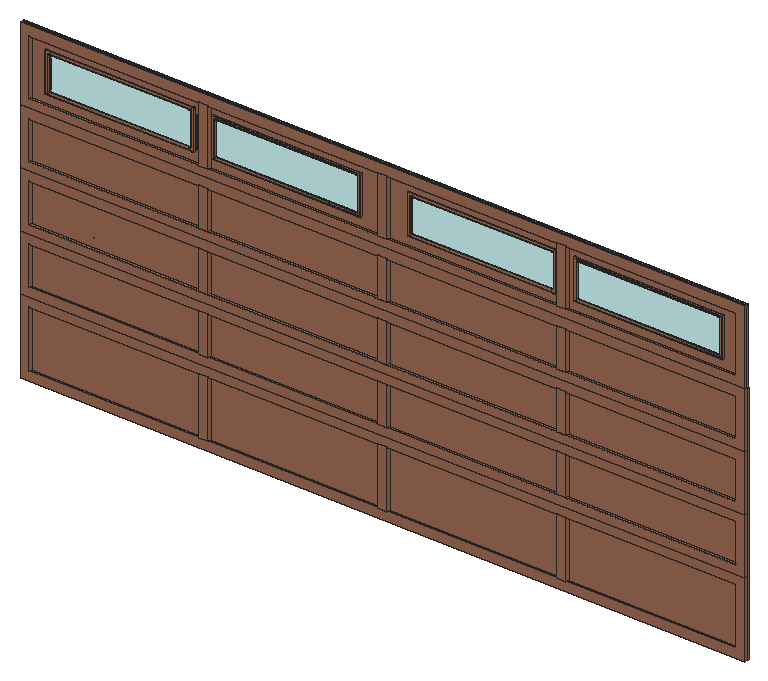
Revit family "GDBL E HORIZ GT", category Doors, host Wall, Revit 2013
Parameters
  Wall Opening [instance] = 4880 mm
  Function = Interior
  Frame Projection Ext. = 25 mm
  Frame Projection Int. = 25 mm
  Frame Width = 75 mm
  Height = 2135 mm
  Wall Closure = By host
  Width = 4880 mm
Reference planes
  plane 1: y = 0
  plane 2 "Center (Left/Right)": x = 0
  plane 3 "Left": x = -2440
  plane 4 "Right": x = 2440
  plane 5: z = 2135
  plane 6 "Exterior": y = 75
  plane 7 "Interior": y = -75
  plane 8 "Garage Bottom": y = 75
  plane 9 "Garage Left": x = 2470
  plane 10 "Garage Right": x = -2470
  plane 11 "Garage Top": z = 2170
  plane 12: z = 512
  plane 13: z = 896
  plane 14: z = 1280
  plane 15: z = 1664
  plane 16 "Front Garage": y = -75
  plane 17: x = 2300
  plane 18: x = 170
  plane 19: x = 1235
  plane 20: x = 1305
  plane 21: x = 1165
  plane 22: z = 1784
  plane 23: z = 1794
  plane 24: z = 1914
  plane 25: z = 1924
  plane 26: z = 2044
  plane 27: z = 2054
Forms (mm)
  Extrusion 1, solid, material "Garage Wood"
    sketch origin (0, -75, 0.086) x (1, 0, 0) y (0, 0, 1)
      loop
        line (-2470, 1663.914) -> (-2470, 0) -> (2470, 0) -> (2470, 1663.914) -> (-2470, 1663.914)
    from 0 to 9
  Sweep 2, solid, material "Garage Wood"
    path origin (0, -75, 0) x (1, 0, 0) y (0, 0, 1)
      loop
        line (-2470, 2170) -> (-2470, 1664) -> (2470, 1664) -> (2470, 2170) -> (-2470, 2170)
    profile origin (0, -75, 2170) x (0, 0, 1) y (0, -1, 0)
      loop
        line (-60, 9) -> (0, 9) -> (0, 30) -> (-60, 30) -> (-60, 9)
  Sweep 3, solid, material "Garage Wood"
    path origin (0, -75, -890) x (1, 0, 0) y (0, 0, 1)
      loop
        line (-2470, 2170) -> (-2470, 1786) -> (2470, 1786) -> (2470, 2170) -> (-2470, 2170)
    profile origin (0, -75, 1280) x (0, 0, 1) y (0, -1, 0)
      loop
        line (-60, 9) -> (0, 9) -> (0, 30) -> (-60, 30) -> (-60, 9)
  Extrusion 4, solid, material "Garage Wood"
    sketch origin (2744.172, 300, 1664) x (1, 0, 0) y (0, 1, 0)
      loop
        line (-2774.172, -384) -> (-2774.172, -405) -> (-2714.172, -405) -> (-2714.172, -384) -> (-2774.172, -384)
      loop
        line (-3994.172, -384) -> (-3994.172, -405) -> (-3934.172, -405) -> (-3934.172, -384) -> (-3994.172, -384)
      loop
        line (-1494.172, -384) -> (-1554.172, -384) -> (-1554.172, -405) -> (-1494.172, -405) -> (-1494.172, -384)
    from -708 to -444
  Extrusion 5, solid, material "Garage Wood"
    sketch origin (2744.172, 300, 2554) x (1, 0, 0) y (0, 1, 0)
      loop
        line (-2774.172, -384) -> (-2774.172, -405) -> (-2714.172, -405) -> (-2714.172, -384) -> (-2774.172, -384)
      loop
        line (-3994.172, -384) -> (-3994.172, -405) -> (-3934.172, -405) -> (-3934.172, -384) -> (-3994.172, -384)
      loop
        line (-1494.172, -384) -> (-1554.172, -384) -> (-1554.172, -405) -> (-1494.172, -405) -> (-1494.172, -384)
    from -830 to -444
  Sweep 6, solid, material "Garage Wood"
    path origin (0, -75, -506) x (1, 0, 0) y (0, 0, 1)
      loop
        line (-2470, 2170) -> (-2470, 1786) -> (2470, 1786) -> (2470, 2170) -> (-2470, 2170)
    profile origin (0, -75, 1664) x (0, 0, 1) y (0, -1, 0)
      loop
        line (-60, 9) -> (0, 9) -> (0, 30) -> (-60, 30) -> (-60, 9)
  Extrusion 7, solid, material "Garage Wood"
    sketch origin (2744.172, 300, 2048) x (1, 0, 0) y (0, 1, 0)
      loop
        line (-2774.172, -384) -> (-2774.172, -405) -> (-2714.172, -405) -> (-2714.172, -384) -> (-2774.172, -384)
      loop
        line (-3994.172, -384) -> (-3994.172, -405) -> (-3934.172, -405) -> (-3934.172, -384) -> (-3994.172, -384)
      loop
        line (-1494.172, -384) -> (-1554.172, -384) -> (-1554.172, -405) -> (-1494.172, -405) -> (-1494.172, -384)
    from -708 to -444
  Sweep 8, solid, material "Garage Wood"
    path origin (0, -75, -1274) x (1, 0, 0) y (0, 0, 1)
      loop
        line (-2470, 2170) -> (-2470, 1786) -> (2470, 1786) -> (2470, 2170) -> (-2470, 2170)
    profile origin (0, -75, 896) x (0, 0, 1) y (0, -1, 0)
      loop
        line (-60, 9) -> (0, 9) -> (0, 30) -> (-60, 30) -> (-60, 9)
  Extrusion 9, solid, material "Garage Wood"
    sketch origin (2744.172, 300, 1280) x (1, 0, 0) y (0, 1, 0)
      loop
        line (-2774.172, -384) -> (-2774.172, -405) -> (-2714.172, -405) -> (-2714.172, -384) -> (-2774.172, -384)
      loop
        line (-3994.172, -384) -> (-3994.172, -405) -> (-3934.172, -405) -> (-3934.172, -384) -> (-3994.172, -384)
      loop
        line (-1494.172, -384) -> (-1554.172, -384) -> (-1554.172, -405) -> (-1494.172, -405) -> (-1494.172, -384)
    from -708 to -444
  Sweep 10, solid, material "Garage Wood"
    path origin (0, -75, -1658) x (1, 0, 0) y (0, 0, 1)
      loop
        line (-2470, 2170) -> (-2470, 1658) -> (2470, 1658) -> (2470, 2170) -> (-2470, 2170)
    profile origin (0, -75, 512) x (0, 0, 1) y (0, -1, 0)
      loop
        line (-60, 9) -> (0, 9) -> (0, 30) -> (-60, 30) -> (-60, 9)
  Extrusion 11, solid, material "Garage Wood"
    sketch origin (2744.172, 300, 896) x (1, 0, 0) y (0, 1, 0)
      loop
        line (-2774.172, -384) -> (-2774.172, -405) -> (-2714.172, -405) -> (-2714.172, -384) -> (-2774.172, -384)
      loop
        line (-3994.172, -384) -> (-3994.172, -405) -> (-3934.172, -405) -> (-3934.172, -384) -> (-3994.172, -384)
      loop
        line (-1494.172, -384) -> (-1554.172, -384) -> (-1554.172, -405) -> (-1494.172, -405) -> (-1494.172, -384)
    from -836 to -444
  Sweep 12, void
    path origin (0, -75, 0) x (0, 0, -1) y (-1, 0, 0)
      loop
        line (-120, -2470) -> (-120, 2470)
    profile origin (0, -75, 120) x (0, 0, 1) y (0, 1, 0)
      loop
        line (0, 0) -> (0, -4.5) -> (8, -4.5) -> (8, 0) -> (0, 0)
      loop
        line (128, 0) -> (128, -4.5) -> (136, -4.5) -> (136, 0) -> (128, 0)
      loop
        line (256, 0) -> (256, -4.5) -> (264, -4.5) -> (264, 0) -> (256, 0)
      loop
        line (384, 0) -> (384, -4.5) -> (392, -4.5) -> (392, 0) -> (384, 0)
      loop
        line (512, 0) -> (512, -4.5) -> (520, -4.5) -> (520, 0) -> (512, 0)
      loop
        line (640, 0) -> (640, -4.5) -> (648, -4.5) -> (648, 0) -> (640, 0)
      loop
        line (768, 0) -> (768, -4.5) -> (776, -4.5) -> (776, 0) -> (768, 0)
      loop
        line (896, 0) -> (896, -4.5) -> (904, -4.5) -> (904, 0) -> (896, 0)
      loop
        line (1024, 0) -> (1024, -4.5) -> (1032, -4.5) -> (1032, 0) -> (1024, 0)
      loop
        line (1152, 0) -> (1152, -4.5) -> (1160, -4.5) -> (1160, 0) -> (1152, 0)
      loop
        line (1280, 0) -> (1280, -4.5) -> (1288, -4.5) -> (1288, 0) -> (1280, 0)
      loop
        line (1408, 0) -> (1408, -4.5) -> (1416, -4.5) -> (1416, 0) -> (1408, 0)
      loop
        line (1536, 0) -> (1536, -4.5) -> (1544, -4.5) -> (1544, 0) -> (1536, 0)
  Extrusion 13, void
    sketch origin (0, 0, 0) x (1, 0, 0) y (0, 1, 0)
      loop
        line (0, -76.5) -> (1.259, -75) -> (-1.259, -75) -> (0, -76.5)
    from 0 to 1664
  Extrusion 14, solid, material "Garage Wood"
    sketch origin (-8600, -75, 4000) x (0, 0, -1) y (-1, 0, 0)
      loop
        line (1830, -11070) -> (2336, -11070) -> (2336, -6130) -> (1830, -6130) -> (1830, -11070)
      loop
        line (1956, -10900) -> (2206, -10900) -> (2206, -9905) -> (1956, -9905) -> (1956, -10900)
      loop
        line (1956, -8770) -> (1956, -9765) -> (2206, -9765) -> (2206, -8770) -> (1956, -8770)
      loop
        line (1956, -6300) -> (1956, -7295) -> (2206, -7295) -> (2206, -6300) -> (1956, -6300)
      loop
        line (1956, -8430) -> (2206, -8430) -> (2206, -7435) -> (1956, -7435) -> (1956, -8430)
    from -9 to 0
  Sweep 15, void
    path origin (-8600, -75, 4000) x (0, 0, -1) y (-1, 0, 0)
      loop
        line (2336, -8600) -> (1830, -8600)
    profile origin (0, -75, 1917) x (1, 0, 0) y (0, 1, 0)
      loop
        line (-1.259, 0) -> (0, -1.5) -> (1.259, 0) -> (-1.259, 0)
  Sweep 16, solid, material "Garage Wood"
    path origin (-8600, -75, 4000) x (0, 0, -1) y (-1, 0, 0)
      loop
        line (1956, -10900) -> (2206, -10900) -> (2206, -9905) -> (1956, -9905) -> (1956, -10900)
    profile origin (1802.5, -75, 2044) x (0, 0, 1) y (0, 1, 0)
      loop
        line (0, 0) -> (10, 0) -> (10, 7.793)
        arc (10, 7.793) -> (9.354, 9.354) -> (7.793, 10) r 2.207
        line (7.793, 10) -> (-7.793, 10)
        arc (-7.793, 10) -> (-9.354, 9.354) -> (-10, 7.793) r 2.207
        line (-10, 7.793) -> (-10, -2) -> (0, -2) -> (0, 0)
      loop
        line (0, -9) -> (0, -7) -> (-10, -7) -> (-10, -16.793)
        arc (-10, -16.793) -> (-9.354, -18.354) -> (-7.793, -19) r 2.207
        line (-7.793, -19) -> (7.793, -19)
        arc (7.793, -19) -> (9.354, -18.354) -> (10, -16.793) r 2.207
        line (10, -16.793) -> (10, -9) -> (0, -9)
  Extrusion 17, solid, material "Garage Glass"
    sketch origin (-8600, -75, 4000) x (0, 0, -1) y (-1, 0, 0)
      loop
        line (1956, -10900) -> (2206, -10900) -> (2206, -9905) -> (1956, -9905) -> (1956, -10900)
    from -7 to -2
  Sweep 18, solid, material "Garage Wood"
    path origin (-9735, -75, 4000) x (0, 0, -1) y (-1, 0, 0)
      loop
        line (1956, -10900) -> (2206, -10900) -> (2206, -9905) -> (1956, -9905) -> (1956, -10900)
    profile origin (667.5, -75, 2044) x (0, 0, 1) y (0, 1, 0)
      loop
        line (0, 0) -> (10, 0) -> (10, 7.793)
        arc (10, 7.793) -> (9.354, 9.354) -> (7.793, 10) r 2.207
        line (7.793, 10) -> (-7.793, 10)
        arc (-7.793, 10) -> (-9.354, 9.354) -> (-10, 7.793) r 2.207
        line (-10, 7.793) -> (-10, -2) -> (0, -2) -> (0, 0)
      loop
        line (0, -9) -> (0, -7) -> (-10, -7) -> (-10, -16.793)
        arc (-10, -16.793) -> (-9.354, -18.354) -> (-7.793, -19) r 2.207
        line (-7.793, -19) -> (7.793, -19)
        arc (7.793, -19) -> (9.354, -18.354) -> (10, -16.793) r 2.207
        line (10, -16.793) -> (10, -9) -> (0, -9)
  Extrusion 19, solid, material "Garage Glass"
    sketch origin (-9735, -75, 4000) x (0, 0, -1) y (-1, 0, 0)
      loop
        line (1956, -10900) -> (2206, -10900) -> (2206, -9905) -> (1956, -9905) -> (1956, -10900)
    from -7 to -2
  Sweep 20, solid, material "Garage Wood"
    path origin (-11070, -75, 4000) x (0, 0, -1) y (-1, 0, 0)
      loop
        line (1956, -10900) -> (2206, -10900) -> (2206, -9905) -> (1956, -9905) -> (1956, -10900)
    profile origin (-667.5, -75, 2044) x (0, 0, 1) y (0, 1, 0)
      loop
        line (0, 0) -> (10, 0) -> (10, 7.793)
        arc (10, 7.793) -> (9.354, 9.354) -> (7.793, 10) r 2.207
        line (7.793, 10) -> (-7.793, 10)
        arc (-7.793, 10) -> (-9.354, 9.354) -> (-10, 7.793) r 2.207
        line (-10, 7.793) -> (-10, -2) -> (0, -2) -> (0, 0)
      loop
        line (0, -9) -> (0, -7) -> (-10, -7) -> (-10, -16.793)
        arc (-10, -16.793) -> (-9.354, -18.354) -> (-7.793, -19) r 2.207
        line (-7.793, -19) -> (7.793, -19)
        arc (7.793, -19) -> (9.354, -18.354) -> (10, -16.793) r 2.207
        line (10, -16.793) -> (10, -9) -> (0, -9)
  Extrusion 21, solid, material "Garage Glass"
    sketch origin (-11070, -75, 4000) x (0, 0, -1) y (-1, 0, 0)
      loop
        line (1956, -10900) -> (2206, -10900) -> (2206, -9905) -> (1956, -9905) -> (1956, -10900)
    from -7 to -2
  Sweep 22, solid, material "Garage Wood"
    path origin (-12205, -75, 4000) x (0, 0, -1) y (-1, 0, 0)
      loop
        line (1956, -10900) -> (2206, -10900) -> (2206, -9905) -> (1956, -9905) -> (1956, -10900)
    profile origin (-1802.5, -75, 2044) x (0, 0, 1) y (0, 1, 0)
      loop
        line (0, 0) -> (10, 0) -> (10, 7.793)
        arc (10, 7.793) -> (9.354, 9.354) -> (7.793, 10) r 2.207
        line (7.793, 10) -> (-7.793, 10)
        arc (-7.793, 10) -> (-9.354, 9.354) -> (-10, 7.793) r 2.207
        line (-10, 7.793) -> (-10, -2) -> (0, -2) -> (0, 0)
      loop
        line (0, -9) -> (0, -7) -> (-10, -7) -> (-10, -16.793)
        arc (-10, -16.793) -> (-9.354, -18.354) -> (-7.793, -19) r 2.207
        line (-7.793, -19) -> (7.793, -19)
        arc (7.793, -19) -> (9.354, -18.354) -> (10, -16.793) r 2.207
        line (10, -16.793) -> (10, -9) -> (0, -9)
  Extrusion 23, solid, material "Garage Glass"
    sketch origin (-12205, -75, 4000) x (0, 0, -1) y (-1, 0, 0)
      loop
        line (1956, -10900) -> (2206, -10900) -> (2206, -9905) -> (1956, -9905) -> (1956, -10900)
    from -7 to -2
  Sweep 24, void
    path origin (-8600, -75, 4003) x (0, 0, -1) y (-1, 0, 0)
      loop
        line (1830, -11070) -> (1830, -10900)
    profile origin (2385, -75, 2173) x (0, 0, 1) y (0, 1, 0)
      loop
        line (-369, 0) -> (-369, -4.5) -> (-361, -4.5) -> (-361, 0) -> (-369, 0)
      loop
        line (-147, 0) -> (-147, -4.5) -> (-139, -4.5) -> (-139, 0) -> (-147, 0)
  Sweep 25, void
    path origin (-9735, -75, 4003) x (0, 0, -1) y (-1, 0, 0)
      loop
        line (1830, -11040) -> (1830, -10900)
    profile origin (1235, -75, 2173) x (0, 0, 1) y (0, 1, 0)
      loop
        line (-369, 0) -> (-369, -4.5) -> (-361, -4.5) -> (-361, 0) -> (-369, 0)
      loop
        line (-147, 0) -> (-147, -4.5) -> (-139, -4.5) -> (-139, 0) -> (-147, 0)
  Sweep 26, void
    path origin (-11070, -75, 4003) x (0, 0, -1) y (-1, 0, 0)
      loop
        line (1830, -11240) -> (1830, -10900)
    profile origin (0, -75, 2173) x (0, 0, 1) y (0, 1, 0)
      loop
        line (-369, 0) -> (-369, -4.5) -> (-361, -4.5) -> (-361, 0) -> (-369, 0)
      loop
        line (-147, 0) -> (-147, -4.5) -> (-139, -4.5) -> (-139, 0) -> (-147, 0)
  Sweep 27, void
    path origin (8600, -75, 4003) x (0, 0, -1) y (-1, 0, 0)
      loop
        line (1830, 11070) -> (1830, 10900)
    profile origin (-2385, -75, 2173) x (0, 0, -1) y (0, 1, 0)
      loop
        line (369, 0) -> (361, 0) -> (361, -4.5) -> (369, -4.5) -> (369, 0)
      loop
        line (147, 0) -> (139, 0) -> (139, -4.5) -> (147, -4.5) -> (147, 0)
  Sweep 28, void
    path origin (9735, -75, 4003) x (0, 0, -1) y (-1, 0, 0)
      loop
        line (1830, 11040) -> (1830, 10900)
    profile origin (-1235, -75, 2173) x (0, 0, -1) y (0, 1, 0)
      loop
        line (369, 0) -> (361, 0) -> (361, -4.5) -> (369, -4.5) -> (369, 0)
      loop
        line (147, 0) -> (139, 0) -> (139, -4.5) -> (147, -4.5) -> (147, 0)
Cuts and joins
  Sweep 12, Extrusion 13 cuts Extrusion 1
  Sweep 15, Sweep 24, Sweep 25, Sweep 26, Sweep 27, Sweep 28 cuts Extrusion 14
  Sweep 24, Sweep 25, Sweep 26, Sweep 27, Sweep 28 cuts Sweep 16
  Sweep 24, Sweep 25, Sweep 26, Sweep 27, Sweep 28 cuts Extrusion 17
  Sweep 26, Sweep 28 cuts Sweep 18
  Sweep 26, Sweep 28 cuts Extrusion 19
Lines and regions (mm)
  Opening 1
    outline origin (-3050, -75, 0) x (1, 0, 0) y (0, 0, 1)
      loop
        line (610, 0) -> (5490, 0) -> (5490, 2135) -> (610, 2135) -> (610, 0)
  symbolic lines, style "Elevation Swing"
    curve 1: line (-2470, -105, 1664) -> (-2470, -2275, 1664)
    curve 2: line (-2470, -2275, 1664) -> (2470, -2275, 1664)
    curve 3: line (2470, -2275, 1664) -> (2470, -105, 1664)
Text (mm)
  text "Exterior" at (-2295.016, 1099.543, 0), in view "Ref. Level"
  text "Exterior" at (0, 1615.38, 3698.081), in view "Left"
  text "Exterior" at (0, 1036.032, 3874.932), in view "Right"
Dimensions and locks
  equal spacing: plane 3 "Left", plane 2 "Center (Left/Right)", plane 4 "Right"
  "Width": plane 3 "Left" to plane 4 "Right"
  "Height": plane 5 to host wall
  host wall to plane 5 = 2135 mm
  host wall to plane 11 "Garage Top" = 2170 mm
  locked: plane 6 "Exterior" to host wall at 0
  locked: plane 7 "Interior" to host wall
  plane 3 "Left" to plane 4 "Right" = 4880 mm
  plane 10 "Garage Right" to plane 9 "Garage Left" = 4940 mm
  plane 11 "Garage Top" to plane 15 to plane 14 to plane 13 to plane 12 to level = 506 mm, 384 mm locked, 384 mm locked, 384 mm locked, 512 mm
  "Wall Opening": plane 3 "Left" to plane 4 "Right"
  level to plane 12 to plane 13 to plane 14 to plane 15 to plane 11 "Garage Top" = 512 mm, 384 mm, 384 mm, 384 mm, 506 mm
  aligned and locked: plane 3 "Left" to Opening 1 sketch curve
  aligned and locked: plane 5 to Opening 1 sketch curve  (x2)
  aligned and locked: Opening 1 sketch curve to plane 4 "Right"
  aligned and locked: Opening 1 sketch curve to level
  aligned and locked: host wall to plane 1
  aligned and locked: plane 10 "Garage Right" to Extrusion 1 sketch curve
  aligned and locked: plane 9 "Garage Left" to Extrusion 1 sketch curve
  aligned and locked: plane 13 to Sweep 3 sketch curve
  aligned and locked: Extrusion 5 to Sweep 2  (x2)
  aligned and locked: Extrusion 4 to Sweep 3  (x2)
  aligned and locked: Extrusion 7 to Sweep 6  (x2)
  aligned and locked: Extrusion 9 to Sweep 8  (x2)
  aligned and locked: level to Sweep 10 sketch curve
  aligned and locked: Extrusion 11 to Sweep 10  (x2)
  aligned and locked: Extrusion 13 to level
Automatic sketch dimensions
  curve 1 to plane 10 "Garage Right" = 0 mm
  curve 2 to plane 9 "Garage Left" = 0 mm
  host wall to curve 1 = 2200 mm
  host wall to curve 3 = 30 mm
  host wall to curve 1 = 30 mm
  Extrusion 1 sketch curve to plane 15 = 0 mm
  level to Extrusion 1 sketch curve = 0.086 mm
  Sweep 2 sketch curve to plane 10 "Garage Right" = 0 mm
  plane 9 "Garage Left" to Sweep 2 sketch curve = 0 mm
  Sweep 2 sketch curve to plane 15 = 0 mm
  Sweep 2 sketch curve to plane 11 "Garage Top" = 0 mm
  profile plane to Sweep 2 sketch curve = 0 mm
  plane 7 "Interior" to Sweep 2 sketch curve = 9 mm
  Sweep 2 sketch curve to Sweep 2 sketch curve = 60 mm
  Sweep 2 sketch curve to Sweep 2 sketch curve = 21 mm
  Sweep 3 sketch curve to plane 10 "Garage Right" = 0 mm
  plane 9 "Garage Left" to Sweep 3 sketch curve = 0 mm
  Sweep 3 sketch curve to plane 14 = 0 mm
  profile plane to Sweep 3 sketch curve = 0 mm
  plane 7 "Interior" to Sweep 3 sketch curve = 9 mm
  profile plane to Sweep 3 sketch curve = 60 mm
  Sweep 3 sketch curve to Sweep 3 sketch curve = 21 mm
  host wall to Extrusion 4 sketch curve = 30 mm  (x2)
  Extrusion 4 sketch curve to plane 3 "Left" = 1190 mm
  Extrusion 4 sketch curve to Extrusion 4 sketch curve = 60 mm
  Extrusion 4 sketch curve to plane 2 "Center (Left/Right)" = 30 mm
  host wall to Extrusion 4 sketch curve = 9 mm  (x3)
  plane 2 "Center (Left/Right)" to Extrusion 4 sketch curve = 30 mm
  plane 21 to Extrusion 4 sketch curve = 25 mm
  Extrusion 4 sketch curve to plane 19 = 15 mm
  Extrusion 4 sketch curve to Extrusion 4 sketch curve = 21 mm
  host wall to Extrusion 5 sketch curve = 30 mm  (x2)
  Extrusion 5 sketch curve to plane 3 "Left" = 1190 mm
  Extrusion 5 sketch curve to Extrusion 5 sketch curve = 60 mm
  Extrusion 5 sketch curve to plane 2 "Center (Left/Right)" = 30 mm
  host wall to Extrusion 5 sketch curve = 9 mm  (x3)
  plane 2 "Center (Left/Right)" to Extrusion 5 sketch curve = 30 mm
  plane 21 to Extrusion 5 sketch curve = 25 mm
  Extrusion 5 sketch curve to plane 19 = 15 mm
  Extrusion 5 sketch curve to Extrusion 5 sketch curve = 21 mm
  Sweep 6 sketch curve to plane 10 "Garage Right" = 0 mm
  plane 9 "Garage Left" to Sweep 6 sketch curve = 0 mm
  Sweep 6 sketch curve to plane 14 = 0 mm
  Sweep 6 sketch curve to plane 15 = 0 mm
  profile plane to Sweep 6 sketch curve = 0 mm
  plane 7 "Interior" to Sweep 6 sketch curve = 9 mm
  profile plane to Sweep 6 sketch curve = 60 mm
  Sweep 6 sketch curve to Sweep 6 sketch curve = 21 mm
  host wall to Extrusion 7 sketch curve = 30 mm  (x2)
  Extrusion 7 sketch curve to plane 3 "Left" = 1190 mm
  Extrusion 7 sketch curve to Extrusion 7 sketch curve = 60 mm
  Extrusion 7 sketch curve to plane 2 "Center (Left/Right)" = 30 mm
  host wall to Extrusion 7 sketch curve = 9 mm  (x3)
  plane 2 "Center (Left/Right)" to Extrusion 7 sketch curve = 30 mm
  plane 21 to Extrusion 7 sketch curve = 25 mm
  Extrusion 7 sketch curve to plane 19 = 15 mm
  Extrusion 7 sketch curve to Extrusion 7 sketch curve = 21 mm
  Sweep 8 sketch curve to plane 10 "Garage Right" = 0 mm
  plane 9 "Garage Left" to Sweep 8 sketch curve = 0 mm
  Sweep 8 sketch curve to plane 12 = 0 mm
  Sweep 8 sketch curve to plane 13 = 0 mm
  profile plane to Sweep 8 sketch curve = 0 mm
  plane 7 "Interior" to Sweep 8 sketch curve = 9 mm
  Sweep 8 sketch curve to Sweep 8 sketch curve = 60 mm
  Sweep 8 sketch curve to Sweep 8 sketch curve = 21 mm
  host wall to Extrusion 9 sketch curve = 30 mm  (x2)
  Extrusion 9 sketch curve to plane 3 "Left" = 1190 mm
  Extrusion 9 sketch curve to Extrusion 9 sketch curve = 60 mm
  Extrusion 9 sketch curve to plane 2 "Center (Left/Right)" = 30 mm
  host wall to Extrusion 9 sketch curve = 9 mm  (x3)
  plane 2 "Center (Left/Right)" to Extrusion 9 sketch curve = 30 mm
  plane 21 to Extrusion 9 sketch curve = 25 mm
  Extrusion 9 sketch curve to plane 19 = 15 mm
  Extrusion 9 sketch curve to Extrusion 9 sketch curve = 21 mm
  Sweep 10 sketch curve to plane 10 "Garage Right" = 0 mm
  plane 9 "Garage Left" to Sweep 10 sketch curve = 0 mm
  Sweep 10 sketch curve to plane 12 = 0 mm
  profile plane to Sweep 10 sketch curve = 0 mm
  plane 7 "Interior" to Sweep 10 sketch curve = 9 mm
  Sweep 10 sketch curve to Sweep 10 sketch curve = 60 mm
  Sweep 10 sketch curve to Sweep 10 sketch curve = 21 mm
  host wall to Extrusion 11 sketch curve = 30 mm  (x2)
  Extrusion 11 sketch curve to plane 3 "Left" = 1190 mm
  Extrusion 11 sketch curve to Extrusion 11 sketch curve = 60 mm
  Extrusion 11 sketch curve to plane 2 "Center (Left/Right)" = 30 mm
  host wall to Extrusion 11 sketch curve = 9 mm  (x3)
  plane 2 "Center (Left/Right)" to Extrusion 11 sketch curve = 30 mm
  plane 21 to Extrusion 11 sketch curve = 25 mm
  Extrusion 11 sketch curve to plane 19 = 15 mm
  Extrusion 11 sketch curve to Extrusion 11 sketch curve = 21 mm
  Sweep 12 sketch curve to plane 10 "Garage Right" = 0 mm
  plane 9 "Garage Left" to Sweep 12 sketch curve = 0 mm
  level to Sweep 12 sketch curve = 120 mm
  profile plane to Sweep 12 sketch curve = 0 mm
  Sweep 12 sketch curve to plane 16 "Front Garage" = 0 mm  (x13)
  Sweep 12 sketch curve to plane 16 "Front Garage" = 4.5 mm  (x7)
  Sweep 12 sketch curve to Sweep 12 sketch curve = 8 mm  (x13)
  Sweep 12 sketch curve to Sweep 12 sketch curve = 120 mm  (x12)
  Sweep 12 sketch curve to Sweep 12 sketch curve = 4.5 mm  (x6)
  host wall to Extrusion 13 sketch curve = 0 mm
  Extrusion 13 sketch curve to plane 2 "Center (Left/Right)" = 0 mm
  host wall to Extrusion 13 sketch curve = 1.5 mm
  Extrusion 13 sketch curve to plane 2 "Center (Left/Right)" = 1.259 mm
  plane 2 "Center (Left/Right)" to Extrusion 13 sketch curve = 1.259 mm
  Extrusion 14 sketch curve to plane 10 "Garage Right" = 0 mm
  Extrusion 14 sketch curve to plane 11 "Garage Top" = 0 mm
  Extrusion 14 sketch curve to plane 26 = 0 mm  (x4)
  plane 17 to Extrusion 14 sketch curve = 0 mm
  Extrusion 14 sketch curve to plane 21 = 0 mm
  Extrusion 14 sketch curve to plane 23 = 0 mm  (x4)
  plane 20 to Extrusion 14 sketch curve = 0 mm
  Extrusion 14 sketch curve to plane 15 = 0 mm
  plane 9 "Garage Left" to Extrusion 14 sketch curve = 0 mm
  plane 18 to Extrusion 14 sketch curve = 0 mm
  Extrusion 14 sketch curve to plane 2 "Center (Left/Right)" = 170 mm
  Extrusion 14 sketch curve to Extrusion 14 sketch curve = 995 mm
  Extrusion 14 sketch curve to Extrusion 14 sketch curve = 140 mm
  Extrusion 14 sketch curve to plane 3 "Left" = 140 mm
  Sweep 15 sketch curve to plane 2 "Center (Left/Right)" = 0 mm
  Sweep 15 sketch curve to plane 11 "Garage Top" = 0 mm
  Sweep 15 sketch curve to plane 15 = 0 mm
  Sweep 15 sketch curve to plane 16 "Front Garage" = 0 mm
  Sweep 15 sketch curve to profile plane = 0 mm
  Sweep 15 sketch curve to plane 16 "Front Garage" = 1.5 mm
  profile plane to Sweep 15 sketch curve = 1.259 mm
  Sweep 15 sketch curve to profile plane = 1.259 mm
  plane 20 to Sweep 16 sketch curve = 0 mm
  Sweep 16 sketch curve to plane 26 = 0 mm
  plane 17 to Sweep 16 sketch curve = 0 mm
  Sweep 16 sketch curve to plane 23 = 0 mm
  profile plane to Sweep 16 sketch curve = 0 mm  (x2)
  Sweep 16 sketch curve to plane 16 "Front Garage" = 0 mm
  Sweep 16 sketch curve to plane 16 "Front Garage" = 19 mm
  profile plane to Sweep 16 sketch curve = 7.793 mm  (x2)
  profile plane to Sweep 16 sketch curve = 10 mm
  Sweep 16 sketch curve to Sweep 16 sketch curve = 2.207 mm  (x3)
  Sweep 16 sketch curve to profile plane = 7.793 mm  (x2)
  Sweep 16 sketch curve to Sweep 16 sketch curve = 7.793 mm
  Sweep 16 sketch curve to plane 16 "Front Garage" = 7 mm
  Sweep 16 sketch curve to plane 16 "Front Garage" = 2 mm
  plane 16 "Front Garage" to Sweep 16 sketch curve = 7.793 mm
  plane 20 to Extrusion 17 sketch curve = 0 mm
  Extrusion 17 sketch curve to plane 26 = 0 mm
  plane 17 to Extrusion 17 sketch curve = 0 mm
  Extrusion 17 sketch curve to plane 23 = 0 mm
  plane 18 to Sweep 18 sketch curve = 0 mm
  Sweep 18 sketch curve to plane 26 = 0 mm
  Sweep 18 sketch curve to plane 21 = 0 mm
  Sweep 18 sketch curve to plane 23 = 0 mm
  profile plane to Sweep 18 sketch curve = 0 mm  (x2)
  Sweep 18 sketch curve to plane 16 "Front Garage" = 0 mm
  Sweep 18 sketch curve to plane 16 "Front Garage" = 19 mm
  profile plane to Sweep 18 sketch curve = 7.793 mm  (x2)
  profile plane to Sweep 18 sketch curve = 10 mm
  Sweep 18 sketch curve to Sweep 18 sketch curve = 2.207 mm  (x3)
  Sweep 18 sketch curve to profile plane = 7.793 mm  (x2)
  Sweep 18 sketch curve to Sweep 18 sketch curve = 7.793 mm
  Sweep 18 sketch curve to plane 16 "Front Garage" = 7 mm
  Sweep 18 sketch curve to plane 16 "Front Garage" = 2 mm
  plane 16 "Front Garage" to Sweep 18 sketch curve = 7.793 mm
  plane 18 to Extrusion 19 sketch curve = 0 mm
  Extrusion 19 sketch curve to plane 26 = 0 mm
  Extrusion 19 sketch curve to plane 21 = 0 mm
  Extrusion 19 sketch curve to plane 23 = 0 mm
  Sweep 20 sketch curve to plane 26 = 0 mm
  Sweep 20 sketch curve to plane 23 = 0 mm
  Sweep 20 sketch curve to plane 2 "Center (Left/Right)" = 170 mm
  Sweep 20 sketch curve to Sweep 20 sketch curve = 995 mm
  profile plane to Sweep 20 sketch curve = 0 mm  (x2)
  Sweep 20 sketch curve to plane 16 "Front Garage" = 0 mm
  Sweep 20 sketch curve to plane 16 "Front Garage" = 19 mm
  profile plane to Sweep 20 sketch curve = 7.793 mm  (x2)
  profile plane to Sweep 20 sketch curve = 10 mm
  Sweep 20 sketch curve to Sweep 20 sketch curve = 2.207 mm  (x3)
  Sweep 20 sketch curve to profile plane = 7.793 mm  (x2)
  Sweep 20 sketch curve to Sweep 20 sketch curve = 7.793 mm
  Sweep 20 sketch curve to plane 16 "Front Garage" = 7 mm
  Sweep 20 sketch curve to plane 16 "Front Garage" = 2 mm
  plane 16 "Front Garage" to Sweep 20 sketch curve = 7.793 mm
  Extrusion 21 sketch curve to plane 26 = 0 mm
  Extrusion 21 sketch curve to plane 23 = 0 mm
  Extrusion 21 sketch curve to plane 2 "Center (Left/Right)" = 170 mm
  Extrusion 21 sketch curve to Extrusion 21 sketch curve = 995 mm
  Sweep 22 sketch curve to plane 26 = 0 mm
  Sweep 22 sketch curve to plane 23 = 0 mm
  Sweep 22 sketch curve to plane 3 "Left" = 1135 mm
  Sweep 22 sketch curve to plane 3 "Left" = 140 mm
  profile plane to Sweep 22 sketch curve = 0 mm  (x2)
  Sweep 22 sketch curve to plane 16 "Front Garage" = 0 mm
  Sweep 22 sketch curve to plane 16 "Front Garage" = 19 mm
  profile plane to Sweep 22 sketch curve = 7.793 mm  (x2)
  profile plane to Sweep 22 sketch curve = 10 mm
  Sweep 22 sketch curve to Sweep 22 sketch curve = 2.207 mm  (x3)
  Sweep 22 sketch curve to profile plane = 7.793 mm  (x2)
  Sweep 22 sketch curve to Sweep 22 sketch curve = 7.793 mm
  Sweep 22 sketch curve to plane 16 "Front Garage" = 7 mm
  Sweep 22 sketch curve to plane 16 "Front Garage" = 2 mm
  plane 16 "Front Garage" to Sweep 22 sketch curve = 7.793 mm
  Extrusion 23 sketch curve to plane 26 = 0 mm
  Extrusion 23 sketch curve to plane 23 = 0 mm
  Extrusion 23 sketch curve to plane 3 "Left" = 1135 mm
  Extrusion 23 sketch curve to plane 3 "Left" = 140 mm
  plane 17 to Sweep 24 sketch curve = 0 mm
  plane 9 "Garage Left" to Sweep 24 sketch curve = 0 mm
  Sweep 24 sketch curve to plane 11 "Garage Top" = 3 mm
  Sweep 24 sketch curve to plane 16 "Front Garage" = 0 mm  (x2)
  Sweep 24 sketch curve to plane 16 "Front Garage" = 4.5 mm  (x2)
  profile plane to Sweep 24 sketch curve = 369 mm
  Sweep 24 sketch curve to Sweep 24 sketch curve = 8 mm  (x2)
  profile plane to Sweep 24 sketch curve = 147 mm
  Sweep 25 sketch curve to plane 21 = 0 mm
  plane 20 to Sweep 25 sketch curve = 0 mm
  Sweep 25 sketch curve to plane 11 "Garage Top" = 3 mm
  Sweep 25 sketch curve to plane 16 "Front Garage" = 0 mm  (x2)
  Sweep 25 sketch curve to plane 16 "Front Garage" = 4.5 mm  (x2)
  profile plane to Sweep 25 sketch curve = 369 mm
  Sweep 25 sketch curve to Sweep 25 sketch curve = 8 mm  (x2)
  profile plane to Sweep 25 sketch curve = 147 mm
  plane 18 to Sweep 26 sketch curve = 0 mm
  Sweep 26 sketch curve to plane 11 "Garage Top" = 3 mm
  Sweep 26 sketch curve to plane 2 "Center (Left/Right)" = 170 mm
  Sweep 26 sketch curve to plane 16 "Front Garage" = 0 mm  (x2)
  Sweep 26 sketch curve to plane 16 "Front Garage" = 4.5 mm  (x2)
  profile plane to Sweep 26 sketch curve = 369 mm
  Sweep 26 sketch curve to Sweep 26 sketch curve = 8 mm  (x2)
  profile plane to Sweep 26 sketch curve = 147 mm
  Sweep 27 sketch curve to plane 10 "Garage Right" = 0 mm
  Sweep 27 sketch curve to plane 11 "Garage Top" = 3 mm
  Sweep 27 sketch curve to plane 3 "Left" = 140 mm
  Sweep 27 sketch curve to plane 16 "Front Garage" = 0 mm  (x2)
  Sweep 27 sketch curve to profile plane = 139 mm
  Sweep 27 sketch curve to plane 16 "Front Garage" = 4.5 mm  (x2)
  Sweep 27 sketch curve to Sweep 27 sketch curve = 8 mm  (x2)
  Sweep 27 sketch curve to Sweep 27 sketch curve = 214 mm
  Sweep 28 sketch curve to plane 11 "Garage Top" = 3 mm
  Sweep 28 sketch curve to plane 2 "Center (Left/Right)" = 1165 mm
  Sweep 28 sketch curve to Sweep 28 sketch curve = 140 mm
  Sweep 28 sketch curve to plane 16 "Front Garage" = 0 mm  (x2)
  Sweep 28 sketch curve to profile plane = 139 mm
  Sweep 28 sketch curve to plane 16 "Front Garage" = 4.5 mm  (x2)
  Sweep 28 sketch curve to Sweep 28 sketch curve = 8 mm  (x2)
  Sweep 28 sketch curve to Sweep 28 sketch curve = 214 mm
